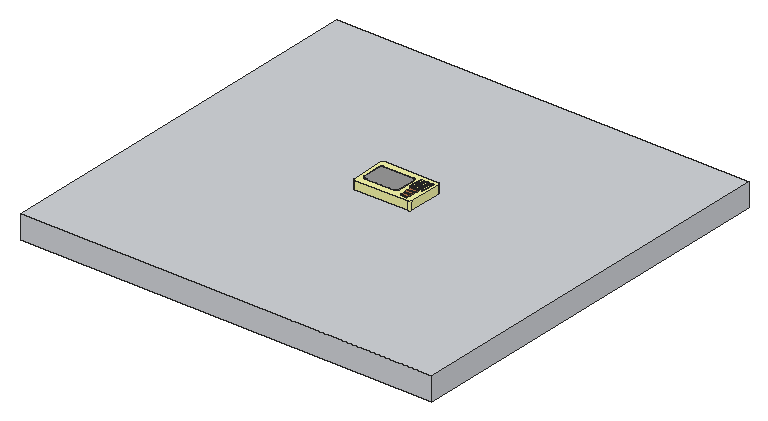
Revit family "ELV_Entry Phone with Display", category Security Devices, host Face, Revit 2013
Parameters (values of type "1 Gang")
  Switch Voltage = 230 V
  Red Light = Red Light
  Load Classification = Other
  Label = ""
  Green Light = Blue Glass
  Default Elevation = 1200 mm
  Blue Glass = Glass, Green
  Assembly Code = ""
  Apparent Load = 0 VA
Reference planes
  plane 1 "Center (Front/Back)": y = 0
  plane 2: z = 0
  plane 3 "Center (Left/Right)": x = 0
  plane 4 "level above": z = 40
  plane 5 "level below": z = -53.975
  plane 6 "Top": y = 60
  plane 7 "Bot": y = -60
  plane 8: x = -90
  plane 9: x = 90
  plane 10: x = -48
  plane 11: x = 48
Forms (mm)
  Extrusion 1, solid
    sketch origin (0, 0, 0) x (1, 0, 0) y (0, 1, 0)
      loop
        line (-644.525, 571.5) -> (-644.525, -666.75) -> (644.525, -666.75) -> (644.525, 571.5) -> (-644.525, 571.5)
    from 0 to -72.672
  Extrusion 2, solid, material "Face Plate"
    sketch origin (0, 0, 0) x (1, 0, 0) y (0, 1, 0)
      loop
        line (-82, -60) -> (82, -60)
        arc (82, -60) -> (87.657, -57.657) -> (90, -52) r 8
        line (90, -52) -> (90, 52)
        arc (90, 52) -> (87.657, 57.657) -> (82, 60) r 8
        line (82, 60) -> (-82, 60)
        arc (-82, 60) -> (-87.657, 57.657) -> (-90, 52) r 8
        line (-90, 52) -> (-90, -52)
        arc (-90, -52) -> (-87.657, -57.657) -> (-82, -60) r 8
    from 0 to 25
  Extrusion 3, void
    sketch origin (45.839, -15.738, 0) x (1, 0, 0) y (0, 1, 0)
      loop
        line (-4, 57.738) -> (4, 57.738)
        arc (4, 57.738) -> (5.5, 59.238) -> (4, 60.738) r 1.5
        line (4, 60.738) -> (-4, 60.738)
        arc (-4, 60.738) -> (-5.5, 59.238) -> (-4, 57.738) r 1.5
      loop
        line (11, 57.738) -> (19, 57.738)
        arc (19, 57.738) -> (20.5, 59.238) -> (19, 60.738) r 1.5
        line (19, 60.738) -> (11, 60.738)
        arc (11, 60.738) -> (9.5, 59.238) -> (11, 57.738) r 1.5
      loop
        line (26, 57.738) -> (34, 57.738)
        arc (34, 57.738) -> (35.5, 59.238) -> (34, 60.738) r 1.5
        line (34, 60.738) -> (26, 60.738)
        arc (26, 60.738) -> (24.5, 59.238) -> (26, 57.738) r 1.5
      loop
        line (-4, 50.747) -> (4, 50.747)
        arc (4, 50.747) -> (5.5, 52.247) -> (4, 53.747) r 1.5
        line (4, 53.747) -> (-4, 53.747)
        arc (-4, 53.747) -> (-5.5, 52.247) -> (-4, 50.747) r 1.5
      loop
        line (11, 50.747) -> (19, 50.747)
        arc (19, 50.747) -> (20.5, 52.247) -> (19, 53.747) r 1.5
        line (19, 53.747) -> (11, 53.747)
        arc (11, 53.747) -> (9.5, 52.247) -> (11, 50.747) r 1.5
      loop
        line (26, 50.747) -> (34, 50.747)
        arc (34, 50.747) -> (35.5, 52.247) -> (34, 53.747) r 1.5
        line (34, 53.747) -> (26, 53.747)
        arc (26, 53.747) -> (24.5, 52.247) -> (26, 50.747) r 1.5
      loop
        line (-4, 43.747) -> (4, 43.747)
        arc (4, 43.747) -> (5.5, 45.247) -> (4, 46.747) r 1.5
        line (4, 46.747) -> (-4, 46.747)
        arc (-4, 46.747) -> (-5.5, 45.247) -> (-4, 43.747) r 1.5
      loop
        line (11, 43.747) -> (19, 43.747)
        arc (19, 43.747) -> (20.5, 45.247) -> (19, 46.747) r 1.5
        line (19, 46.747) -> (11, 46.747)
        arc (11, 46.747) -> (9.5, 45.247) -> (11, 43.747) r 1.5
      loop
        line (26, 43.747) -> (34, 43.747)
        arc (34, 43.747) -> (35.5, 45.247) -> (34, 46.747) r 1.5
        line (34, 46.747) -> (26, 46.747)
        arc (26, 46.747) -> (24.5, 45.247) -> (26, 43.747) r 1.5
      loop
        line (-4, 36.747) -> (4, 36.747)
        arc (4, 36.747) -> (5.5, 38.247) -> (4, 39.747) r 1.5
        line (4, 39.747) -> (-4, 39.747)
        arc (-4, 39.747) -> (-5.5, 38.247) -> (-4, 36.747) r 1.5
      loop
        line (11, 36.747) -> (19, 36.747)
        arc (19, 36.747) -> (20.5, 38.247) -> (19, 39.747) r 1.5
        line (19, 39.747) -> (11, 39.747)
        arc (11, 39.747) -> (9.5, 38.247) -> (11, 36.747) r 1.5
      loop
        line (26, 36.747) -> (34, 36.747)
        arc (34, 36.747) -> (35.5, 38.247) -> (34, 39.747) r 1.5
        line (34, 39.747) -> (26, 39.747)
        arc (26, 39.747) -> (24.5, 38.247) -> (26, 36.747) r 1.5
      loop
        line (-4, 29.747) -> (4, 29.747)
        arc (4, 29.747) -> (5.5, 31.247) -> (4, 32.747) r 1.5
        line (4, 32.747) -> (-4, 32.747)
        arc (-4, 32.747) -> (-5.5, 31.247) -> (-4, 29.747) r 1.5
      loop
        line (11, 29.747) -> (19, 29.747)
        arc (19, 29.747) -> (20.5, 31.247) -> (19, 32.747) r 1.5
        line (19, 32.747) -> (11, 32.747)
        arc (11, 32.747) -> (9.5, 31.247) -> (11, 29.747) r 1.5
      loop
        line (26, 29.747) -> (34, 29.747)
        arc (34, 29.747) -> (35.5, 31.247) -> (34, 32.747) r 1.5
        line (34, 32.747) -> (26, 32.747)
        arc (26, 32.747) -> (24.5, 31.247) -> (26, 29.747) r 1.5
      loop
        line (-4, 22.747) -> (4, 22.747)
        arc (4, 22.747) -> (5.5, 24.247) -> (4, 25.747) r 1.5
        line (4, 25.747) -> (-4, 25.747)
        arc (-4, 25.747) -> (-5.5, 24.247) -> (-4, 22.747) r 1.5
      loop
        line (11, 22.747) -> (19, 22.747)
        arc (19, 22.747) -> (20.5, 24.247) -> (19, 25.747) r 1.5
        line (19, 25.747) -> (11, 25.747)
        arc (11, 25.747) -> (9.5, 24.247) -> (11, 22.747) r 1.5
      loop
        line (26, 22.747) -> (34, 22.747)
        arc (34, 22.747) -> (35.5, 24.247) -> (34, 25.747) r 1.5
        line (34, 25.747) -> (26, 25.747)
        arc (26, 25.747) -> (24.5, 24.247) -> (26, 22.747) r 1.5
      loop
        line (-4, 15.747) -> (4, 15.747)
        arc (4, 15.747) -> (5.5, 17.247) -> (4, 18.747) r 1.5
        line (4, 18.747) -> (-4, 18.747)
        arc (-4, 18.747) -> (-5.5, 17.247) -> (-4, 15.747) r 1.5
      loop
        line (11, 15.747) -> (19, 15.747)
        arc (19, 15.747) -> (20.5, 17.247) -> (19, 18.747) r 1.5
        line (19, 18.747) -> (11, 18.747)
        arc (11, 18.747) -> (9.5, 17.247) -> (11, 15.747) r 1.5
      loop
        line (26, 15.747) -> (34, 15.747)
        arc (34, 15.747) -> (35.5, 17.247) -> (34, 18.747) r 1.5
        line (34, 18.747) -> (26, 18.747)
        arc (26, 18.747) -> (24.5, 17.247) -> (26, 15.747) r 1.5
    from 23 to 25
  Extrusion 4, void
    sketch origin (0, 0, 0) x (1, 0, 0) y (0, 1, 0)
      loop
        arc (-70.006, 39.258) -> (-77.078, 36.329) -> (-80.006, 29.258) r 10
        line (-80.006, 29.258) -> (-80.006, -25.742)
        arc (-80.006, -25.742) -> (-77.078, -32.813) -> (-70.006, -35.742) r 10
        line (-70.006, -35.742) -> (19.994, -35.742)
        arc (19.994, -35.742) -> (27.065, -32.813) -> (29.994, -25.742) r 10
        line (29.994, -25.742) -> (29.994, 29.258)
        arc (29.994, 29.258) -> (27.065, 36.329) -> (19.994, 39.258) r 10
        line (19.994, 39.258) -> (-70.006, 39.258)
    from 25 to 20
  Extrusion 5, solid, material "Light Body"
    sketch origin (0, -1.668, 0) x (1, 0, 0) y (0, 1, 0)
      loop
        line (51.084, -4.882) -> (51.084, -14.882) -> (71.084, -14.882) -> (71.084, -4.882) -> (51.084, -4.882)
    from 25 to 28
  Extrusion 6, solid, material "Light Body"
    sketch origin (0, -16.668, 0) x (1, 0, 0) y (0, 1, 0)
      loop
        line (51.084, -4.882) -> (51.084, -14.882) -> (71.084, -14.882) -> (71.084, -4.882) -> (51.084, -4.882)
    from 25 to 28
  Extrusion 7, solid, material "Light Body"
    sketch origin (0, -31.668, 0) x (1, 0, 0) y (0, 1, 0)
      loop
        line (51.084, -4.882) -> (51.084, -14.882) -> (71.084, -14.882) -> (71.084, -4.882) -> (51.084, -4.882)
    from 25 to 28
  Extrusion 8, solid, material "Glass, Green" <- "Blue Glass"
    sketch origin (0, 0, 0) x (1, 0, 0) y (0, 1, 0)
      loop
        arc (-70.006, 39.258) -> (-77.078, 36.329) -> (-80.006, 29.258) r 10
        line (-80.006, 29.258) -> (-80.006, -25.742)
        arc (-80.006, -25.742) -> (-77.078, -32.813) -> (-70.006, -35.742) r 10
        line (-70.006, -35.742) -> (19.994, -35.742)
        arc (19.994, -35.742) -> (27.065, -32.813) -> (29.994, -25.742) r 10
        line (29.994, -25.742) -> (29.994, 29.258)
        arc (29.994, 29.258) -> (27.065, 36.329) -> (19.994, 39.258) r 10
        line (19.994, 39.258) -> (-70.006, 39.258)
    from 23 to 25
Cuts and joins
  Extrusion 3, Extrusion 4 cuts Extrusion 2
Dimensions and locks
  plane 4 "level above" to level = 40 mm
  locked: level to plane 5 "level below" at 53.975
  plane 8 to plane 3 "Center (Left/Right)" to plane 9 = 90 mm, 90 mm
  plane 6 "Top" to plane 1 "Center (Front/Back)" to plane 7 "Bot" = 60 mm, 60 mm
  plane 8 to plane 9 = 180 mm
  plane 6 "Top" to plane 7 "Bot" = 120 mm
  aligned and locked: plane 2 to Extrusion 1
  aligned and locked: level to Extrusion 1
  aligned and locked: cut or joined group of Extrusion 2, Extrusion 3, Extrusion 4 to plane 8
  aligned and locked: plane 9 to cut or joined group of Extrusion 2, Extrusion 3, Extrusion 4
  aligned and locked: plane 6 "Top" to cut or joined group of Extrusion 2, Extrusion 3, Extrusion 4
  aligned and locked: cut or joined group of Extrusion 2, Extrusion 3, Extrusion 4 to plane 7 "Bot"
Nested families
  nested 1: "ELV_EPVD" at (0, 0, 0), type "ELV_EPVD"
Connectors
  electrical at (0, 0, 0)
    settings: on cut or joined group of Extrusion 2, Extrusion 3, Extrusion 4, index 1, voltage 0 V, apparent load 0 VA, apparent load phase1 0 VA, apparent load phase2 0 VA, apparent load phase3 0 VA, power factor 1, load classification "Other", number of poles 1, system type 10, power factor state 1, is connector primary yes, connector utility no, sub classification motor no, connector description ""
Definition of nested family "ELV_EPVD"
  Reference planes
    plane 1: y = 0
    plane 2: x = 0
  Lines and regions (mm)
    detail lines, style "Security Symbols"
      curve 1: line (-1.522, 0, 0) -> (1.522, 0, 0)
      curve 2: line (-1.522, 0, 0) -> (0, 2.636, 0)
      curve 3: line (0, 2.636, 0) -> (1.522, 0, 0)
  Text (mm)
    text "EPD" at (2.994, 3.682, 0)
